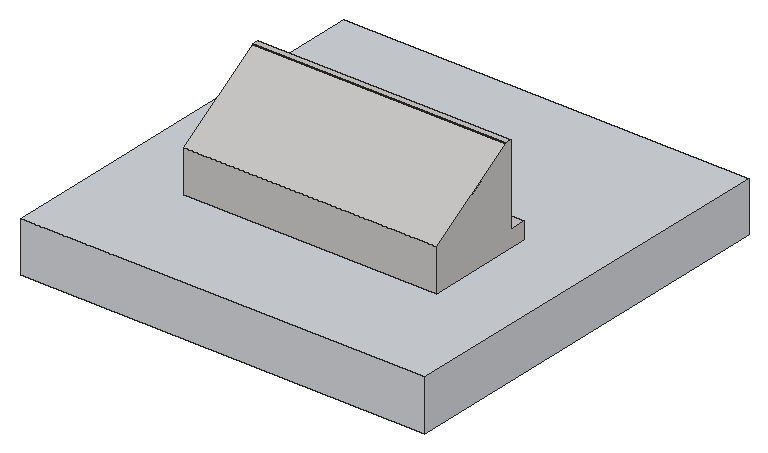
Revit family
Parameters (values of type "4112")
  Waste Connection = yes
  Voltage = 0
  Vent Connection = no
  URL = "http://www.whitehallmfg.com/"
  Tempered Water Connection = no
  SWV - Swivel Nozzle on Gooseneck = no
  SA - Splash Panel = no
  Revised Date = "07/29/13"
  Phone # = "626-336-4561"
  Model = "4112"
  Material = Stainless Steel
  Manufacturer = "Whitehall Mfg"
  MC - Mounting Carrier = no
  LFN - Laminar Flow Nozzle (1.5 GPM) = no
  HW Connection = yes
  HTR - Chronomite Instantaneous Water Heater (Refer to Chronomite Labs at http://chronomite.com for applications and sales assistance, supplied by Chronomite for field installation) = no
  EYW - Eyewash - RH Station = no
  EYW - Eyewash - LH Station = no
  Designed By = "ATS BIM Team"
  Description = "Whitehall Compact Surgical Scrub Sink Two Station"
  Default Elevation = 40"
  CW Connection = yes
  Assembly Code = ""
  Amperage = 0
  4112 - Compact Surgical Scrub Sink (2 Stations) = yes
Reference planes (in)
  plane 1 "Center (Front/Back)": y = 0
  plane 2: z = 0
  plane 3 "Center (Left/Right)": x = 0
  plane 4: y = -40
  plane 5: z = 1.952
  plane 6: x = 15
  plane 7: x = -15
  plane 8: z = 23
  plane 9: x = -13.5
  plane 10: x = 13.5
  plane 11: z = 10.548
  plane 12: y = -22
  plane 13: y = -3
  plane 14: z = 14.673
  plane 15: y = 4
  plane 16: x = -27
  plane 17: x = -19.5
  plane 18: y = -20
  plane 19: y = -14.75
  plane 20: x = 15
  plane 21: x = -15
  plane 22: z = 7.747
  plane 23: z = 2
  plane 24: z = 7.747
  plane 25: z = 2
  plane 26: x = -30
  plane 27: x = 30
Forms (in)
  Extrusion 1, solid
    sketch origin (0, 0, 0) x (1, 0, 0) y (0, 1, 0)
      loop
        line (-48, 48) -> (-48, -48) -> (48, -48) -> (48, 48) -> (-48, 48)
    from 0 to -12
  Extrusion 2, solid
    sketch origin (-15, 0, 0) x (1, 0, 0) y (0, 1, 0)
      loop
        circle (-12, -20) r 0.25
      loop
        circle (-4.5, -20) r 0.25
      loop
        circle (0, -14.75) r 0.75
      loop
        circle (30, -14.75) r 0.75
    from 0 to 0.01563
  Extrusion 3, solid, material "Stainless Steel" <- "Material"
    sketch origin (15, 0, 0.048) x (0, 1, 0) y (0, 0, 1)
      loop
        line (4, -0.048) -> (4, 3.952) -> (0, 3.952) -> (-11, 3.952)
        arc (-11, 3.952) -> (-11.70711, 4.24489) -> (-12, 4.952) r 1
        line (-12, 4.952) -> (-12, 10.52152) -> (-1.83018, 21.17562)
        arc (-1.83018, 21.17562) -> (-1.48438, 21.4155) -> (-1.0721, 21.5) r 1.048
        line (-1.0721, 21.5) -> (0, 21.5) -> (0, 22.952) -> (-1.5, 22.952) -> (-1.5, 22.852) -> (-22, 9.952) -> (-22, -0.048) -> (4, -0.048)
    from -45 to 15
  Extrusion 4, solid, material "Stainless Steel" <- "Material"
    sketch origin (15.048, 0, 0.048) x (0, 1, 0) y (0, 0, -1)
      loop
        line (-12, -10.52152) -> (-1.83018, -21.17562)
        arc (-1.83018, -21.17562) -> (-1.48438, -21.4155) -> (-1.0721, -21.5) r 1.048
        line (-1.0721, -21.5) -> (0, -21.5) -> (0, -3.952) -> (-11, -3.952)
        arc (-11, -3.952) -> (-11.70711, -4.24489) -> (-12, -4.952) r 1
        line (-12, -4.952) -> (-12, -10.52152)
    from 43.40759 to 45.048
  Extrusion 5, void
    sketch origin (15, 0, 0.048) x (1, 0, 0) y (0, 0, 1)
      loop
        circle (0, 7.702) r 0.75
      loop
        circle (-30, 7.702) r 0.75
    from 12 to 12.74132
  Extrusion 6, solid, material "Stainless Steel" <- "Material"
    sketch origin (-15.048, 0, 0.048) x (0, 1, 0) y (0, 0, 1)
      loop
        line (-12, 10.52152) -> (-12, 4.952)
        arc (-12, 4.952) -> (-11.70711, 4.24489) -> (-11, 3.952) r 1
        line (-11, 3.952) -> (0, 3.952) -> (0, 21.5) -> (-1.0721, 21.5)
        arc (-1.0721, 21.5) -> (-1.48438, 21.4155) -> (-1.83018, 21.17562) r 1.048
        line (-1.83018, 21.17562) -> (-12, 10.52152)
    from 43.40759 to 45.048
  Extrusion 7, solid, material "Stainless Steel" <- "Material"
    sketch origin (19, 0, 0) x (1, 0, 0) y (0, 1, 0)
      loop
        line (0.75, 1.625) -> (0.75, 2.375) -> (-0.75, 2.375) -> (-0.75, 1.625) -> (0.75, 1.625)
    from 4 to 4.0625
  Extrusion 8, solid, material "Stainless Steel" <- "Material"
    sketch origin (-11, 0, 0) x (-1, 0, 0) y (0, -1, 0)
      loop
        line (0.75, -1.625) -> (-0.75, -1.625) -> (-0.75, -2.375) -> (0.75, -2.375) -> (0.75, -1.625)
    from 4 to 4.0625
  Sweep 9, solid, material "Stainless Steel" <- "Material"
    path origin (-15, -27.53471, 7.59816) x (0, 0.906308, -0.422618) y (0, 0.422618, 0.906308)
      loop
        line (31.09044, 7.94382) -> (38.39525, 11.35011)
        arc (38.39525, 11.35011) -> (39.75849, 15.52985) -> (35.68035, 17.17223) r 3.21935
        line (35.68035, 17.17223) -> (34.59122, 16.66297)
    profile origin (-15, 8.02998, 1.65832) x (0, 0, 1) y (1, 0, 0)
      loop
        circle (0.34168, 0) r 0.34456
  Revolve 10, solid, material "Stainless Steel" <- "Material"
    sketch origin (-15, -27.53471, 7.59816) x (0, 0.906308, -0.422618) y (0, 0.422618, 0.906308)
      loop
        arc (34.29769, 16.60453) -> (34.22011, 16.62302) -> (34.1844, 16.5517) r 0.06419
        line (34.1844, 16.5517) -> (33.96371, 16.44879)
        arc (33.96371, 16.44879) -> (33.75945, 16.41646) -> (33.56911, 16.49732) r 0.375
        arc (33.56911, 16.49732) -> (33.50566, 16.52427) -> (33.43758, 16.5135) r 0.125
        line (33.43758, 16.5135) -> (33.2681, 16.43447) -> (33.55807, 15.81261) -> (34.73214, 16.36159) -> (34.58731, 16.67134)
        arc (34.58731, 16.67134) -> (34.55219, 16.66114) -> (34.51742, 16.67251) r 0.062
        arc (34.51742, 16.67251) -> (34.48717, 16.68364) -> (34.45542, 16.67808) r 0.062
        line (34.45542, 16.67808) -> (34.29769, 16.60453)
      axis (34.73272, 16.36036) -> (33.55807, 15.81261)
    angle from 0 to 360
  Revolve 11, solid, material "Stainless Steel" <- "Material"
    sketch origin (-15, -33.09664, 1.85116) x (0, 0.906308, -0.422618) y (0, 0.422618, 0.906308)
      loop
        arc (34.29769, 16.60453) -> (34.22011, 16.62302) -> (34.1844, 16.5517) r 0.06419
        line (34.1844, 16.5517) -> (34.06442, 16.49575) -> (33.52178, 16.69326) -> (33.21428, 16.54987) -> (33.55807, 15.81261) -> (34.73214, 16.36159) -> (34.56885, 16.71083) -> (34.50296, 16.6801)
        arc (34.50296, 16.6801) -> (34.47899, 16.68383) -> (34.45542, 16.67808) r 0.062
        line (34.45542, 16.67808) -> (34.29769, 16.60453)
      axis (34.73272, 16.36036) -> (33.55807, 15.81261)
    angle from 0 to 360
  Sweep 12, solid, material "Stainless Steel" <- "Material"
    path origin (15, -27.53471, 7.59816) x (0, 0.906308, -0.422618) y (0, 0.422618, 0.906308)
      loop
        line (31.09044, 7.94382) -> (38.39525, 11.35011)
        arc (38.39525, 11.35011) -> (39.75849, 15.52985) -> (35.68035, 17.17223) r 3.21935
        line (35.68035, 17.17223) -> (34.59122, 16.66297)
    profile origin (15, 8.02998, 1.65832) x (0, 0, 1) y (1, 0, 0)
      loop
        circle (0.34168, 0) r 0.34456
  Revolve 13, solid, material "Stainless Steel" <- "Material"
    sketch origin (15, -27.53471, 7.59816) x (0, 0.906308, -0.422618) y (0, 0.422618, 0.906308)
      loop
        arc (34.29769, 16.60453) -> (34.22011, 16.62302) -> (34.1844, 16.5517) r 0.06419
        line (34.1844, 16.5517) -> (33.96371, 16.44879)
        arc (33.96371, 16.44879) -> (33.75945, 16.41646) -> (33.56911, 16.49732) r 0.375
        arc (33.56911, 16.49732) -> (33.50566, 16.52427) -> (33.43758, 16.5135) r 0.125
        line (33.43758, 16.5135) -> (33.2681, 16.43447) -> (33.55807, 15.81261) -> (34.73214, 16.36159) -> (34.58731, 16.67134)
        arc (34.58731, 16.67134) -> (34.55219, 16.66114) -> (34.51742, 16.67251) r 0.062
        arc (34.51742, 16.67251) -> (34.48717, 16.68364) -> (34.45542, 16.67808) r 0.062
        line (34.45542, 16.67808) -> (34.29769, 16.60453)
      axis (34.73272, 16.36036) -> (33.55807, 15.81261)
    angle from 0 to 360
  Revolve 14, solid, material "Stainless Steel" <- "Material"
    sketch origin (15, -33.09664, 1.85116) x (0, 0.906308, -0.422618) y (0, 0.422618, 0.906308)
      loop
        arc (34.29769, 16.60453) -> (34.22011, 16.62302) -> (34.1844, 16.5517) r 0.06419
        line (34.1844, 16.5517) -> (34.06442, 16.49575) -> (33.52178, 16.69326) -> (33.21428, 16.54987) -> (33.55807, 15.81261) -> (34.73214, 16.36159) -> (34.56885, 16.71083) -> (34.50296, 16.6801)
        arc (34.50296, 16.6801) -> (34.47899, 16.68383) -> (34.45542, 16.67808) r 0.062
        line (34.45542, 16.67808) -> (34.29769, 16.60453)
      axis (34.73272, 16.36036) -> (33.55807, 15.81261)
    angle from 0 to 360
  Extrusion 15, solid, material "Stainless Steel" <- "Material"
    sketch origin (15, -1.05256, 0.048) x (1, 0, 0) y (0, 0, 1)
      loop
        circle (0, 7.68366) r 1.85805
      loop
        circle (0.02484, 8.25877) r 0.09433
      loop
        circle (-0.26979, 8.19627) r 0.09433
      loop
        circle (-0.50417, 7.96414) r 0.09433
      loop
        circle (-0.31177, 7.74049) r 0.09433
      loop
        circle (0.13687, 8.00612) r 0.09433
      loop
        circle (0.31285, 8.20569) r 0.09433
      loop
        circle (0.52088, 7.99767) r 0.09433
      loop
        circle (0.61893, 7.7192) r 0.09433
      loop
        circle (0.55643, 7.43795) r 0.09433
      loop
        circle (0.33112, 7.61684) r 0.09433
      loop
        circle (-0.55104, 7.58745) r 0.09433
      loop
        circle (-0.43677, 7.31862) r 0.09433
      loop
        circle (-0.01121, 7.3631) r 0.09433
      loop
        circle (0.39343, 7.17746) r 0.09433
      loop
        circle (0.10174, 7.0889) r 0.09433
      loop
        circle (-0.1667, 7.12015) r 0.09433
    from 10.94744 to 11
  Extrusion 16, solid, material "Stainless Steel" <- "Material"
    sketch origin (-15, -1.05256, 0.048) x (1, 0, 0) y (0, 0, 1)
      loop
        circle (0, 7.68366) r 1.85805
      loop
        circle (0.02484, 8.25877) r 0.09433
      loop
        circle (-0.26979, 8.19627) r 0.09433
      loop
        circle (-0.50417, 7.96414) r 0.09433
      loop
        circle (-0.31177, 7.74049) r 0.09433
      loop
        circle (0.13687, 8.00612) r 0.09433
      loop
        circle (0.31285, 8.20569) r 0.09433
      loop
        circle (0.52088, 7.99767) r 0.09433
      loop
        circle (0.61893, 7.7192) r 0.09433
      loop
        circle (0.55643, 7.43795) r 0.09433
      loop
        circle (0.33112, 7.61684) r 0.09433
      loop
        circle (-0.55104, 7.58745) r 0.09433
      loop
        circle (-0.43677, 7.31862) r 0.09433
      loop
        circle (-0.01121, 7.3631) r 0.09433
      loop
        circle (0.39343, 7.17746) r 0.09433
      loop
        circle (0.10174, 7.0889) r 0.09433
      loop
        circle (-0.1667, 7.12015) r 0.09433
    from 10.94744 to 11
Cuts and joins
  Extrusion 5 cuts Extrusion 3
  joined: Extrusion 3, Extrusion 4, Extrusion 6
Dimensions and locks (in)
  plane 1 "Center (Front/Back)" to plane 13 to plane 12 = 3", 19"
  plane 8 to Extrusion 1 = 23"
  plane 26 to plane 27 = 60"
  plane 1 "Center (Front/Back)" to plane 15 = 4"
  plane 4 to plane 1 "Center (Front/Back)" = 40"
  plane 4 to plane 18 = 20"
  plane 4 to plane 19 = 25 1/4"
  plane 15 to plane 12 = 26"
  plane 12 to plane 4 = 18"
  aligned and locked: plane 2 to Extrusion 1
  aligned and locked: level to Extrusion 1
Connectors (in)
  piping at (-27, -20, 0)
    settings: on Extrusion 2, index 1
  piping at (-19.5, -20, 0)
    settings: on Extrusion 2, index 2
  piping at (-15, -14.75, 0)
    settings: on Extrusion 2, index 3
  piping at (15, -14.75, 0)
    settings: on Extrusion 2, index 4
